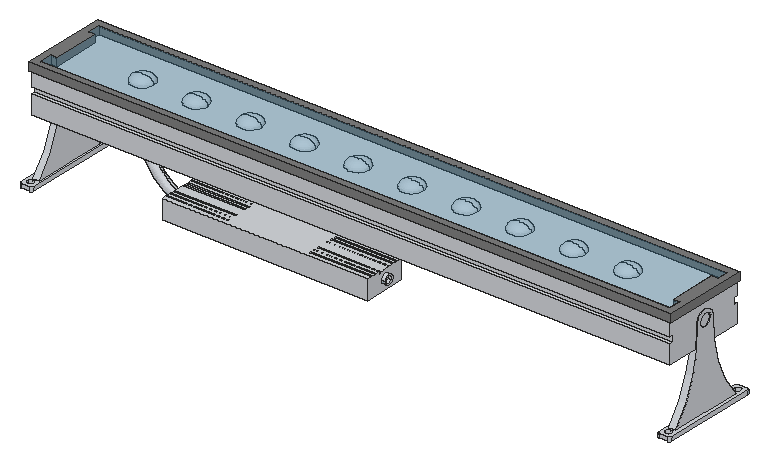
Revit family "SUPER LINEAL RGBW 50CM_LKA0620.15", category Luminarias, Revit 2019
Family settings
  Cota de conector redondo = Diámetro de uso
  Tipo de pieza = Normal
  Se basa en plano de trabajo = Sí
  Siempre vertical = No
  Corte con vacíos al cargar = No
  Origen de luz = Sí
  Compartido = No
  Punto de cálculo de habitación = No
Parameters (values of type "REFL_LKA0620.15")
  Ángulo de inclinación = 15.00°
  Ángulo de enfoque = 15.00°
  Ángulo de campo de foco = 15.00°
  Zone [instance] = ""
  Watt per fixture = 48
  Wattage = 48 W
  built-in parameter 1150107 = 3000 (stored number, unit not read)
  built-in parameter 1150110 = 1 (stored number, unit not read)
  built-in parameter 1150109 = 1 (stored number, unit not read)
  built-in parameter 1150112 = 1 (stored number, unit not read)
  built-in parameter 1150113 = 1 (stored number, unit not read)
  built-in parameter 1114218 = 1 (stored number, unit not read)
  Keynote = ""
  built-in parameter 1150137 = (empty or 0)
  built-in parameter 1150132 = (empty or 0)
  Modelo = "LKA0620.15"
  Lámpara = "RGBW"
  Longitud de símbolo de origen de luz = 500 mm
  built-in parameter 1150105 = 183791.4 (stored number, unit not read)
  built-in parameter 1150102 = (empty or 0)
  built-in parameter 1150106 = 1837.9 (stored number, unit not read)
  Lumens = 7130.01 lm
  Color Filter = 16777215
  built-in parameter 1114217 = 1 (stored number, unit not read)
  built-in parameter 1150139 = (empty or 0)
  Fabricante = "BRILLANT"
  Default Elevation = 0 mm
  built-in parameter 1150104 = 13.8 (stored number, unit not read)
  Descripción = "LUMINARIA TIPO REFLECTOR LINEAL, WALL WASHER , CUERPO DE ALUMINIO EXTRUIDO CON POLVO GRIS, VIDRIO TEMPLADO DE 3MM ADEMAS DEL SELLADO CON SILICON EN VIDRIO Y HOUSING, CUENTA CON 10 LED TIPO R=500mA G=500mA B=500Ma W=500mA CON UN CONSUMO TOTAL DE 48W, 1755 LUMENES, RGBW, IP 65, IK 05, CABLE H05RN DE 0.5M, APERTURA EN STOCK DE 15 GRADOS, ALIMENTADA A 24V, REQUIERE ACCESORIOS."
  built-in parameter 1150115 = 1 (stored number, unit not read)
  built-in parameter 1150114 = 1 (stored number, unit not read)
  Comentarios de vataje = "24V"
  built-in parameter 1150138 = (empty or 0)
  built-in parameter 1150134 = (empty or 0)
  Circuit [instance] = ""
  Dimming Lamp Color Temperature Shift = 1
  built-in parameter 1150133 = 10 (stored number, unit not read)
Reference planes
  plane 1 "Centro (Frontal/Posterior)": y = 0
  plane 2: z = 0
  plane 3 "Centro (Izquierda/Derecha)": x = 0
  plane 4: x = -250
  plane 5: x = 250
  plane 6: z = 86
  plane 7: z = 3
  plane 8: x = 0
Forms (mm)
  Extrusion 1, solid, material "Aluminio"
    sketch origin (0, 0, 0) x (1, 0, 0) y (0, 1, 0)
      loop
        line (-250, 33.5) -> (-250, -33.5) -> (250, -33.5) -> (250, 33.5) -> (-250, 33.5)
      loop
        line (-245, -28.5) -> (245, -28.5) -> (245, -18.5) -> (240, -18.5) -> (240, 18.5) -> (245, 18.5) -> (245, 28.5) -> (-245, 28.5) -> (-245, 18.5) -> (-240, 18.5) -> (-240, -18.5) -> (-245, -18.5) -> (-245, -28.5)
    from 86 to 79.969
  Extrusion 2, solid
    sketch origin (0, 0, 0) x (1, 0, 0) y (0, 1, 0)
      loop
        arc (-245.182, -38.75) -> (-243.931, -38.232) -> (-243.412, -36.98) r 1.77
        line (-243.412, -36.98) -> (-243.412, 36.98)
        arc (-243.412, 36.98) -> (-243.931, 38.232) -> (-245.182, 38.75) r 1.77
        line (-245.182, 38.75) -> (-251.643, 38.75)
        arc (-251.643, 38.75) -> (-252.894, 38.232) -> (-253.412, 36.98) r 1.77
        line (-253.412, 36.98) -> (-253.412, -36.98)
        arc (-253.412, -36.98) -> (-252.894, -38.232) -> (-251.643, -38.75) r 1.77
        line (-251.643, -38.75) -> (-245.182, -38.75)
      loop
        circle (-248.412, -33.75) r 2.617
      loop
        circle (-248.412, 33.75) r 2.617
      loop
        line (245.182, -38.75) -> (251.643, -38.75)
        arc (251.643, -38.75) -> (252.894, -38.232) -> (253.412, -36.98) r 1.77
        line (253.412, -36.98) -> (253.412, 36.98)
        arc (253.412, 36.98) -> (252.894, 38.232) -> (251.643, 38.75) r 1.77
        line (251.643, 38.75) -> (245.182, 38.75)
        arc (245.182, 38.75) -> (243.931, 38.232) -> (243.412, 36.98) r 1.77
        line (243.412, 36.98) -> (243.412, -36.98)
        arc (243.412, -36.98) -> (243.931, -38.232) -> (245.182, -38.75) r 1.77
      loop
        circle (248.412, -33.75) r 2.617
      loop
        circle (248.412, 33.75) r 2.617
    from 0 to 3
  Extrusion 3, solid
    sketch origin (0, 0, 57.505) x (0, -1, 0) y (0, 0, -1)
      loop
        circle (0, -9.725) r 5
      loop
        arc (-7.232, -9.725) -> (0, -16.957) -> (7.232, -9.725) r 7.232
        arc (7.232, -9.725) -> (12.387, 24.386) -> (29.21, 54.505) r 96.512
        line (29.21, 54.505) -> (0.469, 54.505) -> (0.469, 19.505) -> (-0.469, 19.505) -> (-0.469, 54.505) -> (-29.21, 54.505)
        arc (-29.21, 54.505) -> (-12.387, 24.386) -> (-7.232, -9.725) r 96.512
    from 245 to 250
  Extrusion 4, solid, material "Cristal"
    sketch origin (0, 0, 0) x (1, 0, 0) y (0, 1, 0)
      loop
        line (-245, 28.5) -> (-245, 18.5) -> (-240, 18.5) -> (-240, -18.5) -> (-245, -18.5) -> (-245, -28.5) -> (245, -28.5) -> (245, -18.5) -> (240, -18.5) -> (240, 18.5) -> (245, 18.5) -> (245, 28.5) -> (-245, 28.5)
    from 86 to 85.337
  Revolve 5, solid
    sketch origin (0, 0, 1.84) x (1, 0, 0) y (0, 0, 1)
      loop
        line (105.714, 83.128) -> (105.714, 78.128) -> (114.371, 78.128)
        spline (114.371, 78.128) -> (114.297, 78.781) -> (114.076, 79.422) -> (113.712, 80.042) -> (113.211, 80.628) -> (112.582, 81.172) -> (111.835, 81.664) -> (110.984, 82.095) -> (110.043, 82.458) -> (109.027, 82.748) -> (107.955, 82.958) -> (106.844, 83.085) -> (105.714, 83.128)
      axis (105.714, 78.128) -> (105.714, 83.128)
    angle from 0 to 360
  Revolve 6, solid
    sketch origin (-42, 0, 1.84) x (1, 0, 0) y (0, 0, 1)
      loop
        line (105.714, 83.128) -> (105.714, 78.128) -> (114.371, 78.128)
        spline (114.371, 78.128) -> (114.297, 78.781) -> (114.076, 79.422) -> (113.712, 80.042) -> (113.211, 80.628) -> (112.582, 81.172) -> (111.835, 81.664) -> (110.984, 82.095) -> (110.043, 82.458) -> (109.027, 82.748) -> (107.955, 82.958) -> (106.844, 83.085) -> (105.714, 83.128)
      axis (105.714, 78.128) -> (105.714, 83.128)
    angle from 0 to 360
  Revolve 7, solid
    sketch origin (-84, 0, 1.84) x (1, 0, 0) y (0, 0, 1)
      loop
        line (105.714, 83.128) -> (105.714, 78.128) -> (114.371, 78.128)
        spline (114.371, 78.128) -> (114.297, 78.781) -> (114.076, 79.422) -> (113.712, 80.042) -> (113.211, 80.628) -> (112.582, 81.172) -> (111.835, 81.664) -> (110.984, 82.095) -> (110.043, 82.458) -> (109.027, 82.748) -> (107.955, 82.958) -> (106.844, 83.085) -> (105.714, 83.128)
      axis (105.714, 78.128) -> (105.714, 83.128)
    angle from 0 to 360
  Revolve 8, solid
    sketch origin (-126, 0, 1.84) x (1, 0, 0) y (0, 0, 1)
      loop
        line (105.714, 83.128) -> (105.714, 78.128) -> (114.371, 78.128)
        spline (114.371, 78.128) -> (114.297, 78.781) -> (114.076, 79.422) -> (113.712, 80.042) -> (113.211, 80.628) -> (112.582, 81.172) -> (111.835, 81.664) -> (110.984, 82.095) -> (110.043, 82.458) -> (109.027, 82.748) -> (107.955, 82.958) -> (106.844, 83.085) -> (105.714, 83.128)
      axis (105.714, 78.128) -> (105.714, 83.128)
    angle from 0 to 360
  Revolve 9, solid
    sketch origin (-168, 0, 1.84) x (1, 0, 0) y (0, 0, 1)
      loop
        line (105.714, 83.128) -> (105.714, 78.128) -> (114.371, 78.128)
        spline (114.371, 78.128) -> (114.297, 78.781) -> (114.076, 79.422) -> (113.712, 80.042) -> (113.211, 80.628) -> (112.582, 81.172) -> (111.835, 81.664) -> (110.984, 82.095) -> (110.043, 82.458) -> (109.027, 82.748) -> (107.955, 82.958) -> (106.844, 83.085) -> (105.714, 83.128)
      axis (105.714, 78.128) -> (105.714, 83.128)
    angle from 0 to 360
  Revolve 10, solid
    sketch origin (-210, 0, 1.84) x (1, 0, 0) y (0, 0, 1)
      loop
        line (105.714, 83.128) -> (105.714, 78.128) -> (114.371, 78.128)
        spline (114.371, 78.128) -> (114.297, 78.781) -> (114.076, 79.422) -> (113.712, 80.042) -> (113.211, 80.628) -> (112.582, 81.172) -> (111.835, 81.664) -> (110.984, 82.095) -> (110.043, 82.458) -> (109.027, 82.748) -> (107.955, 82.958) -> (106.844, 83.085) -> (105.714, 83.128)
      axis (105.714, 78.128) -> (105.714, 83.128)
    angle from 0 to 360
  Extrusion 11, solid
    sketch origin (-86.286, 0, 0) x (1, 0, 0) y (0, 1, 0)
      loop
        circle (-102, 0) r 7.477
    from 46.607 to 49.683
  Extrusion 12, solid
    sketch origin (-86.286, 0, 0) x (1, 0, 0) y (0, 1, 0)
      loop
        line (-102, 7.477) -> (-108.476, 3.739) -> (-108.476, -3.739) -> (-102, -7.477) -> (-95.524, -3.739) -> (-95.524, 3.739) -> (-102, 7.477)
    from 43.841 to 46.607
  Extrusion 13, solid
    sketch origin (0, 0, 0) x (1, 0, 0) y (0, 1, 0)
      loop
        line (-248.412, 32.016) -> (-248.412, -32.654) -> (248.545, -32.654) -> (248.545, 32.016) -> (-248.412, 32.016)
    from 49.683 to 79.969
  Revolve 14, solid
    sketch origin (42, 0, 1.84) x (1, 0, 0) y (0, 0, 1)
      loop
        line (105.714, 83.128) -> (105.714, 78.128) -> (114.371, 78.128)
        spline (114.371, 78.128) -> (114.297, 78.781) -> (114.076, 79.422) -> (113.712, 80.042) -> (113.211, 80.628) -> (112.582, 81.172) -> (111.835, 81.664) -> (110.984, 82.095) -> (110.043, 82.458) -> (109.027, 82.748) -> (107.955, 82.958) -> (106.844, 83.085) -> (105.714, 83.128)
      axis (105.714, 78.128) -> (105.714, 83.128)
    angle from 0 to 360
  Revolve 15, solid
    sketch origin (84, 0, 1.84) x (1, 0, 0) y (0, 0, 1)
      loop
        line (105.714, 83.128) -> (105.714, 78.128) -> (114.371, 78.128)
        spline (114.371, 78.128) -> (114.297, 78.781) -> (114.076, 79.422) -> (113.712, 80.042) -> (113.211, 80.628) -> (112.582, 81.172) -> (111.835, 81.664) -> (110.984, 82.095) -> (110.043, 82.458) -> (109.027, 82.748) -> (107.955, 82.958) -> (106.844, 83.085) -> (105.714, 83.128)
      axis (105.714, 78.128) -> (105.714, 83.128)
    angle from 0 to 360
  Revolve 16, solid
    sketch origin (-252, 0, 1.84) x (1, 0, 0) y (0, 0, 1)
      loop
        line (105.714, 83.128) -> (105.714, 78.128) -> (114.371, 78.128)
        spline (114.371, 78.128) -> (114.297, 78.781) -> (114.076, 79.422) -> (113.712, 80.042) -> (113.211, 80.628) -> (112.582, 81.172) -> (111.835, 81.664) -> (110.984, 82.095) -> (110.043, 82.458) -> (109.027, 82.748) -> (107.955, 82.958) -> (106.844, 83.085) -> (105.714, 83.128)
      axis (105.714, 78.128) -> (105.714, 83.128)
    angle from 0 to 360
  Revolve 17, solid
    sketch origin (-294, 0, 1.84) x (1, 0, 0) y (0, 0, 1)
      loop
        line (105.714, 83.128) -> (105.714, 78.128) -> (114.371, 78.128)
        spline (114.371, 78.128) -> (114.297, 78.781) -> (114.076, 79.422) -> (113.712, 80.042) -> (113.211, 80.628) -> (112.582, 81.172) -> (111.835, 81.664) -> (110.984, 82.095) -> (110.043, 82.458) -> (109.027, 82.748) -> (107.955, 82.958) -> (106.844, 83.085) -> (105.714, 83.128)
      axis (105.714, 78.128) -> (105.714, 83.128)
    angle from 0 to 360
  Extrusion 18, void
    sketch origin (0, 0, 0) x (0, 1, 0) y (0, 0, 1)
      loop
        line (-32.654, 69.191) -> (-32.654, 64.191) -> (-29.884, 64.191) -> (-29.884, 69.191) -> (-32.654, 69.191)
      loop
        line (32.654, 69.191) -> (29.884, 69.191) -> (29.884, 64.191) -> (32.654, 64.191) -> (32.654, 69.191)
    from -250 to 250
  Extrusion 19, solid
    sketch origin (0, 0, 57.505) x (0, -1, 0) y (0, 0, 1)
      loop
        circle (0, 9.725) r 5
      loop
        arc (-7.232, 9.725) -> (-12.387, -24.386) -> (-29.21, -54.505) r 96.512
        line (-29.21, -54.505) -> (-0.469, -54.505) -> (-0.469, -19.505) -> (0.469, -19.505) -> (0.469, -54.505) -> (29.21, -54.505)
        arc (29.21, -54.505) -> (12.387, -24.386) -> (7.232, 9.725) r 96.512
        arc (7.232, 9.725) -> (0, 16.957) -> (-7.232, 9.725) r 7.232
    from 245 to 250
  Extrusion 20, solid
    sketch origin (0, 0, 0) x (1, 0, 0) y (0, 1, 0)
      loop
        line (-159.783, 16) -> (-159.783, -16) -> (0.217, -16) -> (0.217, 16) -> (-159.783, 16)
    from 0 to 15
  Extrusion 21, void
    sketch origin (0, 0, 0) x (1, 0, 0) y (0, 1, 0)
      loop
        line (-159.783, 12.695) -> (-159.783, 11.445) -> (-111.686, 11.445) -> (-111.686, 12.695) -> (-159.783, 12.695)
      loop
        line (-159.783, 8.945) -> (-159.783, 7.695) -> (-111.686, 7.695) -> (-111.686, 8.945) -> (-159.783, 8.945)
      loop
        line (-159.783, 5.195) -> (-159.783, 3.945) -> (-111.686, 3.945) -> (-111.686, 5.195) -> (-159.783, 5.195)
      loop
        line (-159.783, -12.695) -> (-111.686, -12.695) -> (-111.686, -11.445) -> (-159.783, -11.445) -> (-159.783, -12.695)
      loop
        line (-159.783, -8.945) -> (-111.686, -8.945) -> (-111.686, -7.695) -> (-159.783, -7.695) -> (-159.783, -8.945)
      loop
        line (-159.783, -5.195) -> (-111.686, -5.195) -> (-111.686, -3.945) -> (-159.783, -3.945) -> (-159.783, -5.195)
      loop
        line (0.217, 12.695) -> (-47.88, 12.695) -> (-47.88, 11.445) -> (0.217, 11.445) -> (0.217, 12.695)
      loop
        line (0.217, 8.945) -> (-47.88, 8.945) -> (-47.88, 7.695) -> (0.217, 7.695) -> (0.217, 8.945)
      loop
        line (0.217, 5.195) -> (-47.88, 5.195) -> (-47.88, 3.945) -> (0.217, 3.945) -> (0.217, 5.195)
      loop
        line (0.217, -12.695) -> (0.217, -11.445) -> (-47.88, -11.445) -> (-47.88, -12.695) -> (0.217, -12.695)
      loop
        line (0.217, -8.945) -> (0.217, -7.695) -> (-47.88, -7.695) -> (-47.88, -8.945) -> (0.217, -8.945)
      loop
        line (0.217, -5.195) -> (0.217, -3.945) -> (-47.88, -3.945) -> (-47.88, -5.195) -> (0.217, -5.195)
    from 13.385 to 15
  Extrusion 22, solid
    sketch origin (0, 0, 0) x (0, 1, 0) y (0, 0, 1)
      loop
        circle (0, 8.771) r 3.442
      loop
        line (2.746, 10.356) -> (0, 11.942) -> (-2.746, 10.356) -> (-2.746, 7.185) -> (0, 5.6) -> (2.746, 7.185) -> (2.746, 10.356)
    from -163.333 to -156.969
  Extrusion 23, solid
    sketch origin (-124.565, 0, 0) x (0, 1, 0) y (0, 0, -1)
      loop
        circle (0, -8.771) r 3.442
      loop
        line (2.746, -10.356) -> (2.746, -7.185) -> (0, -5.6) -> (-2.746, -7.185) -> (-2.746, -10.356) -> (0, -11.942) -> (2.746, -10.356)
    from -128.252 to -124.565
  Sweep 24, solid
    path origin (17.303, 0, 13.216) x (1, 0, 0) y (0, 0, 1)
      loop
        arc (-188.601, 37.696) -> (-183.417, 21.627) -> (-170.773, 10.436) r 31.987
    profile origin (-166.114, 0, 34.843) x (0.836903, 0, 0.547351) y (0, -1, 0)
      loop
        circle (-16.782, 0) r 3.712
Cuts and joins
  Extrusion 18 cuts Extrusion 13
  Extrusion 21 cuts Extrusion 20
Dimensions and locks
  equal spacing: plane 4, plane 3 "Centro (Izquierda/Derecha)", plane 5
  plane 4 to plane 5 = 500 mm
  plane 4 to plane 3 "Centro (Izquierda/Derecha)" = 250 mm
  plane 6 to plane 2 = 86 mm
  plane 6 to level = 86 mm
  plane 7 to level = 3 mm
  aligned and locked: level to plane 2
  aligned and locked: plane 7 to Extrusion 2
  aligned and locked: Extrusion 1 to plane 6
  aligned and locked: Extrusion 1 to Extrusion 4
  aligned and locked: Extrusion 1 to Extrusion 18  (x2)
  aligned and locked: Extrusion 1 to Extrusion 3
  aligned and locked: Extrusion 3 to Extrusion 1
Automatic sketch dimensions
  Extrusion 1 sketch curve to plane 4 = 0 mm
  Extrusion 1 sketch curve to plane 5 = 0 mm
  plane 4 to Extrusion 1 sketch curve = 5 mm  (x2)
  Extrusion 1 sketch curve to Extrusion 1 sketch curve = 5 mm  (x4)
  Extrusion 1 sketch curve to plane 5 = 10 mm
  Extrusion 1 sketch curve to plane 5 = 5 mm
  plane 1 "Centro (Frontal/Posterior)" to Extrusion 1 sketch curve = 33.5 mm
  Extrusion 1 sketch curve to Extrusion 1 sketch curve = 10 mm  (x3)
  Extrusion 1 sketch curve to plane 1 "Centro (Frontal/Posterior)" = 18.5 mm  (x2)
  Extrusion 2 sketch curve to plane 4 = 3.412 mm
  Extrusion 2 sketch curve to plane 4 = 1.643 mm  (x2)
  plane 4 to Extrusion 2 sketch curve = 1.588 mm  (x2)
  plane 4 to Extrusion 2 sketch curve = 4.818 mm
  Extrusion 2 sketch curve to Extrusion 2 sketch curve = 3.23 mm  (x5)
  Extrusion 2 sketch curve to Extrusion 2 sketch curve = 1.77 mm  (x4)
  Extrusion 2 sketch curve to plane 5 = 6.588 mm
  Extrusion 2 sketch curve to plane 5 = 1.588 mm  (x2)
  plane 5 to Extrusion 2 sketch curve = 1.643 mm  (x2)
  plane 1 "Centro (Frontal/Posterior)" to Extrusion 2 sketch curve = 38.75 mm  (x2)
  Extrusion 2 sketch curve to plane 1 "Centro (Frontal/Posterior)" = 33.75 mm  (x2)
  Extrusion 3 sketch curve to Extrusion 3 sketch curve = 0 mm  (x2)
  Extrusion 3 sketch curve to plane 7 = 0 mm  (x2)
  Extrusion 3 sketch curve to plane 1 "Centro (Frontal/Posterior)" = 0 mm
  Extrusion 3 sketch curve to plane 1 "Centro (Frontal/Posterior)" = 0.469 mm
  Extrusion 3 sketch curve to Extrusion 3 sketch curve = 28.741 mm  (x2)
  Extrusion 3 sketch curve to plane 6 = 21.636 mm  (x2)
  Extrusion 3 sketch curve to Extrusion 3 sketch curve = 74.492 mm
  plane 1 "Centro (Frontal/Posterior)" to Extrusion 3 sketch curve = 0.469 mm
  Extrusion 3 sketch curve to plane 6 = 18.77 mm
  Extrusion 3 sketch curve to Extrusion 3 sketch curve = 29.23 mm
  plane 4 to Extrusion 4 sketch curve = 5 mm  (x2)
  Extrusion 4 sketch curve to Extrusion 4 sketch curve = 5 mm  (x2)
  Extrusion 4 sketch curve to plane 5 = 10 mm
  Extrusion 4 sketch curve to plane 5 = 5 mm
  plane 1 "Centro (Frontal/Posterior)" to Extrusion 4 sketch curve = 28.5 mm
  Extrusion 4 sketch curve to Extrusion 4 sketch curve = 10 mm  (x3)
  Extrusion 4 sketch curve to plane 1 "Centro (Frontal/Posterior)" = 18.5 mm  (x2)
  Revolve 5 sketch curve to plane 6 = 1.031 mm
  plane 3 "Centro (Izquierda/Derecha)" to Revolve 5 sketch curve = 105.714 mm
  Revolve 5 sketch curve to Revolve 5 sketch curve = 0 mm  (x3)
  Revolve 5 sketch curve to Revolve 5 sketch curve = 8.657 mm
  Revolve 5 sketch curve to Revolve 5 sketch curve = 5 mm
  plane 6 to Revolve 5 sketch curve = 15.857 mm
  Revolve 6 sketch curve to plane 6 = 1.031 mm
  plane 3 "Centro (Izquierda/Derecha)" to Revolve 6 sketch curve = 63.714 mm
  Revolve 6 sketch curve to Revolve 6 sketch curve = 0 mm  (x3)
  Revolve 6 sketch curve to Revolve 6 sketch curve = 8.657 mm
  Revolve 6 sketch curve to Revolve 6 sketch curve = 5 mm
  plane 6 to Revolve 6 sketch curve = 15.857 mm
  Revolve 7 sketch curve to plane 6 = 1.031 mm
  plane 3 "Centro (Izquierda/Derecha)" to Revolve 7 sketch curve = 21.714 mm
  Revolve 7 sketch curve to Revolve 7 sketch curve = 0 mm  (x3)
  Revolve 7 sketch curve to Revolve 7 sketch curve = 8.657 mm
  Revolve 7 sketch curve to Revolve 7 sketch curve = 5 mm
  plane 6 to Revolve 7 sketch curve = 15.857 mm
  Revolve 8 sketch curve to plane 6 = 1.031 mm
  Revolve 8 sketch curve to plane 3 "Centro (Izquierda/Derecha)" = 20.286 mm
  Revolve 8 sketch curve to Revolve 8 sketch curve = 0 mm  (x3)
  Revolve 8 sketch curve to Revolve 8 sketch curve = 8.657 mm
  Revolve 8 sketch curve to Revolve 8 sketch curve = 5 mm
  plane 6 to Revolve 8 sketch curve = 15.857 mm
  Revolve 9 sketch curve to plane 6 = 1.031 mm
  Revolve 9 sketch curve to plane 3 "Centro (Izquierda/Derecha)" = 62.286 mm
  Revolve 9 sketch curve to Revolve 9 sketch curve = 0 mm  (x3)
  Revolve 9 sketch curve to Revolve 9 sketch curve = 8.657 mm
  Revolve 9 sketch curve to Revolve 9 sketch curve = 5 mm
  plane 6 to Revolve 9 sketch curve = 15.857 mm
  Revolve 10 sketch curve to plane 6 = 1.031 mm
  Revolve 10 sketch curve to plane 3 "Centro (Izquierda/Derecha)" = 104.286 mm
  Revolve 10 sketch curve to Revolve 10 sketch curve = 0 mm  (x3)
  Revolve 10 sketch curve to Revolve 10 sketch curve = 8.657 mm
  Revolve 10 sketch curve to Revolve 10 sketch curve = 5 mm
  plane 6 to Revolve 10 sketch curve = 15.857 mm
  plane 1 "Centro (Frontal/Posterior)" to Extrusion 11 sketch curve = 0 mm
  plane 4 to Extrusion 11 sketch curve = 61.714 mm
  plane 4 to Extrusion 13 sketch curve = 1.588 mm
  Extrusion 13 sketch curve to plane 5 = 1.455 mm
  plane 1 "Centro (Frontal/Posterior)" to Extrusion 13 sketch curve = 32.654 mm
  Extrusion 13 sketch curve to plane 1 "Centro (Frontal/Posterior)" = 32.016 mm
  Revolve 14 sketch curve to plane 6 = 1.031 mm
  Revolve 14 sketch curve to plane 5 = 102.286 mm
  Revolve 14 sketch curve to Revolve 14 sketch curve = 0 mm  (x3)
  Revolve 14 sketch curve to Revolve 14 sketch curve = 8.657 mm
  Revolve 14 sketch curve to Revolve 14 sketch curve = 5 mm
  plane 6 to Revolve 14 sketch curve = 15.857 mm
  Revolve 15 sketch curve to plane 6 = 1.031 mm
  Revolve 15 sketch curve to plane 5 = 60.286 mm
  Revolve 15 sketch curve to Revolve 15 sketch curve = 0 mm  (x3)
  Revolve 15 sketch curve to Revolve 15 sketch curve = 8.657 mm
  Revolve 15 sketch curve to Revolve 15 sketch curve = 5 mm
  plane 6 to Revolve 15 sketch curve = 15.857 mm
  Revolve 16 sketch curve to plane 6 = 1.031 mm
  plane 4 to Revolve 16 sketch curve = 103.714 mm
  Revolve 16 sketch curve to Revolve 16 sketch curve = 0 mm  (x3)
  Revolve 16 sketch curve to Revolve 16 sketch curve = 8.657 mm
  Revolve 16 sketch curve to Revolve 16 sketch curve = 5 mm
  plane 6 to Revolve 16 sketch curve = 15.857 mm
  Revolve 17 sketch curve to plane 6 = 1.031 mm
  plane 4 to Revolve 17 sketch curve = 61.714 mm
  Revolve 17 sketch curve to Revolve 17 sketch curve = 0 mm  (x3)
  Revolve 17 sketch curve to Revolve 17 sketch curve = 8.657 mm
  Revolve 17 sketch curve to Revolve 17 sketch curve = 5 mm
  plane 6 to Revolve 17 sketch curve = 15.857 mm
  plane 1 "Centro (Frontal/Posterior)" to Extrusion 18 sketch curve = 32.654 mm
  Extrusion 18 sketch curve to Extrusion 18 sketch curve = 2.77 mm  (x2)
  Extrusion 18 sketch curve to plane 1 "Centro (Frontal/Posterior)" = 29.884 mm
  Extrusion 18 sketch curve to plane 6 = 21.809 mm  (x2)
  Extrusion 18 sketch curve to Extrusion 18 sketch curve = 5 mm  (x2)
  Extrusion 19 sketch curve to Extrusion 19 sketch curve = 0 mm  (x2)
  Extrusion 19 sketch curve to plane 7 = 0 mm  (x2)
  Extrusion 19 sketch curve to plane 1 "Centro (Frontal/Posterior)" = 0 mm
  Extrusion 19 sketch curve to plane 1 "Centro (Frontal/Posterior)" = 0.469 mm
  Extrusion 19 sketch curve to Extrusion 19 sketch curve = 28.741 mm  (x2)
  Extrusion 19 sketch curve to plane 6 = 21.636 mm  (x2)
  Extrusion 19 sketch curve to Extrusion 19 sketch curve = 74.492 mm
  plane 1 "Centro (Frontal/Posterior)" to Extrusion 19 sketch curve = 0.469 mm
  Extrusion 19 sketch curve to Extrusion 19 sketch curve = 35 mm
  Extrusion 19 sketch curve to plane 6 = 18.77 mm
  plane 1 "Centro (Frontal/Posterior)" to Extrusion 20 sketch curve = 16 mm
  plane 4 to Extrusion 20 sketch curve = 90.217 mm
  plane 3 "Centro (Izquierda/Derecha)" to Extrusion 20 sketch curve = 0.217 mm
  Extrusion 20 sketch curve to plane 1 "Centro (Frontal/Posterior)" = 16 mm
  Extrusion 21 sketch curve to plane 1 "Centro (Frontal/Posterior)" = 12.695 mm
  plane 4 to Extrusion 21 sketch curve = 90.217 mm
  plane 1 "Centro (Frontal/Posterior)" to Extrusion 21 sketch curve = 3.945 mm  (x2)
  Extrusion 21 sketch curve to Extrusion 21 sketch curve = 0 mm  (x20)
  Extrusion 21 sketch curve to plane 1 "Centro (Frontal/Posterior)" = 3.945 mm  (x2)
  Extrusion 21 sketch curve to Extrusion 21 sketch curve = 48.097 mm
  Extrusion 21 sketch curve to plane 3 "Centro (Izquierda/Derecha)" = 47.88 mm
  plane 3 "Centro (Izquierda/Derecha)" to Extrusion 21 sketch curve = 0.217 mm
  Extrusion 21 sketch curve to Extrusion 21 sketch curve = 1.25 mm  (x12)
  Extrusion 21 sketch curve to Extrusion 21 sketch curve = 2.5 mm  (x7)
  Extrusion 22 sketch curve to plane 1 "Centro (Frontal/Posterior)" = 0 mm  (x3)
  plane 1 "Centro (Frontal/Posterior)" to Extrusion 22 sketch curve = 2.746 mm
  Extrusion 22 sketch curve to plane 1 "Centro (Frontal/Posterior)" = 2.746 mm
  plane 7 to Extrusion 22 sketch curve = 2.6 mm
  Extrusion 22 sketch curve to Extrusion 22 sketch curve = 1.585 mm  (x6)
  Extrusion 23 sketch curve to plane 1 "Centro (Frontal/Posterior)" = 0 mm  (x3)
  plane 1 "Centro (Frontal/Posterior)" to Extrusion 23 sketch curve = 2.746 mm
  Extrusion 23 sketch curve to plane 1 "Centro (Frontal/Posterior)" = 2.746 mm
  plane 7 to Extrusion 23 sketch curve = 8.942 mm
  Extrusion 23 sketch curve to Extrusion 23 sketch curve = 1.585 mm  (x3)
  Extrusion 23 sketch curve to Extrusion 23 sketch curve = 3.171 mm  (x2)
  plane 7 to Extrusion 23 sketch curve = 2.6 mm
  Sweep 24 sketch curve to plane 1 "Centro (Frontal/Posterior)" = 0 mm
  profile plane to Sweep 24 sketch curve = 16.782 mm
  Sweep 24 sketch curve to plane 6 = 33.649 mm
  plane 4 to Sweep 24 sketch curve = 110.656 mm
  plane 7 to Sweep 24 sketch curve = 20.652 mm
  Sweep 24 sketch curve to Sweep 24 sketch curve = 14.126 mm
  Sweep 24 sketch curve to Sweep 24 sketch curve = 31.954 mm
  radius of Extrusion 2 sketch curve = 2.617 mm  (x4)
  radius of Extrusion 3 sketch curve = 5 mm
  radius of Extrusion 11 sketch curve = 7.477 mm
  radius of Extrusion 19 sketch curve = 5 mm
  radius of Extrusion 22 sketch curve = 3.442 mm
  radius of Extrusion 23 sketch curve = 3.442 mm
  radius of Sweep 24 sketch curve = 3.712 mm
Connectors
  electrical at (3.687, 0, 8.771)
    settings: on Extrusion 23, index 1, voltage 24 V, apparent load 0 VA, apparent load phase1 0 VA, apparent load phase2 0 VA, apparent load phase3 0 VA, power factor 1, load classification "Otro", number of poles 1, system type 31, power factor state 1, is connector primary yes, connector utility no, sub classification motor no, connector description ""
